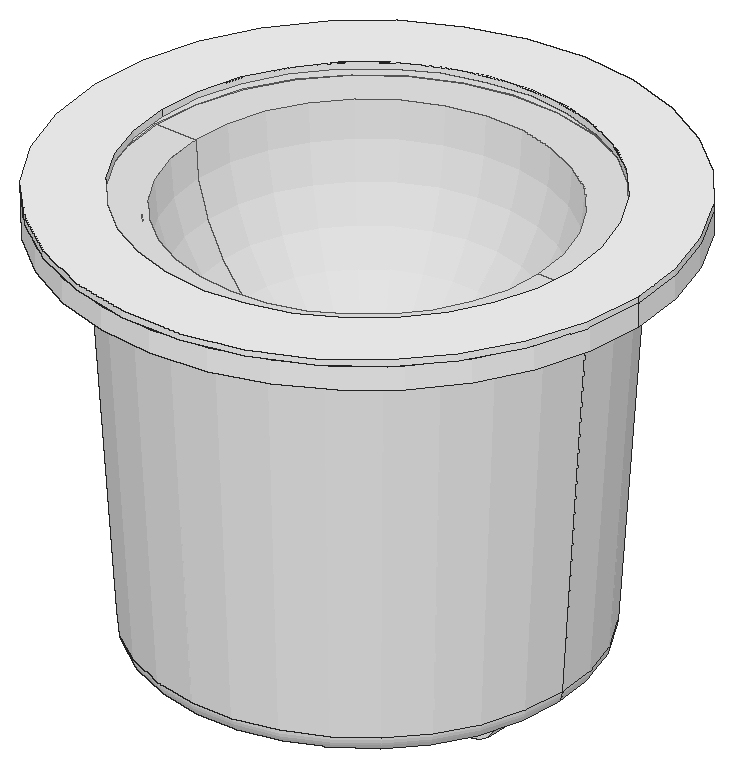
Revit family "2058912", category Lighting Fixtures, host Face, Revit 2018
Family settings
  Host = Face
  Round Connector Dimension = Use Diameter
  Part Type = Normal
  OmniClass Number = 23.80.70.11.17
  OmniClass Title = Specialized Lighting by Location or Use
  Cut with Voids When Loaded = No
  Light Source = Yes
  Shared = No
  Room Calculation Point = No
Parameters (values of type "2058912 MYRIAD DECO IP65 SP 4K PHD SI CBEZ")
  Weight = "n/a"
  Wattage = 15 W
  WarrantyStartDate [instance] = "n/a"
  WarrantyGuarantorParts = "n/a"
  WarrantyDurationUnit = "n/a"
  WarrantyDurationParts = ""
  WarrantyDescription = "http://www.sylvania-lighting.com"
  built-in parameter 1150110 = 1 (stored number, unit not read)
  Voltage = 230 V
  URL = "0"
  TypeName = "MYRIAD DECO IP65 SPOT 4000K PHDM SILVER CBEZ"
  Type Image = 0
  Type Comments = ""
  built-in parameter 1114217 = 1 (stored number, unit not read)
  Tilt Angle = -90°
  built-in parameter 1150109 = 1 (stored number, unit not read)
  built-in parameter 1150134 = (empty or 0)
  built-in parameter 1150113 = 1 (stored number, unit not read)
  SerialNumber [instance] = "n/a"
  Reflector Radius = Cutout Diameter / 2 - 2.5 mm  # 35.0 mm
  Reflector Material = Aluminum_Sylvania_Myriad_Bright
  Recessed Depth = Height  # 72.0 mm
  PowerFactor = 0
  PowerConsumption = "Lighting"
  Photometric Web File = "2058912.ies"
  NominalWidth = 0.0 mm
  NominalLength = 76.0 mm
  NominalHeight = 72.0 mm
  Name = "MYRIAD DECO IP65 SPOT 4000K PHDM SILVER CBEZ"
  ModelReference = "MYRIAD DECO IP65 SPOT 4000K PHDM SILVER CBEZ"
  ModelNumber = "2058912"
  Material = "Feilo Sylvania"
  ManufacturerName = "113 lm/W"
  LuminousEfficacy = ""
  LuminaireType = "0"
  LightOutputRatio = "LED"
  LampsType = Lamp  # "n/a"
  LampNominalLuminous = "4000 K"
  LampMacAdamStep = "90"
  LampColourTemperature = "LED"
  LampColourRenderingIndex = "16500"
  Keynote = "n/a"
  Keynote_2 = "16500"
  InstallationDate [instance] = "n/a"
  InputVoltage = "0"
  InputNominalFrequency = "4000"
  IngressProtection = "IfcLightFixtureType"
  ImpactProtectionIndex = "IfcLightFixtureType"
  IfcExportType = "IfcLightFixtureType"
  IfcExportAs = "Class II"
  Height = 72.0 mm  # constant formula
  ExpectedLife = 50000
  Emit from Circle Diameter = Accessory Inner Diameter 2  # 68.0 mm
  Emit Shape Visible in Rendering = no
  ElectricShockClassification = "113"
  DurationUnit = "hours"
  DocumentationLiterature = "http://www.sylvania-lighting.com/product/en-int/products/2058912"
  DimmingControlOptions = "n/a"
  Diffuser Material = Glass_Sylvania_Myriad_Clear_4000K
  Diffuser Diameter = Cutout Diameter  # 75.0 mm
  Cutout Diameter = 75.0 mm  # constant formula
  CreatedOn = "03/02/2022"
  CreatedBy = "@sylvania-lighting.com"
  built-in parameter 1001205 = 0
  Cost = 0
  built-in parameter 1114216 [instance] = 1 (stored number, unit not read)
  Model = "MYRIAD DECO IP65 SPOT 4000K PHDM SILVER CBEZ"
  Manufacturer = "Feilo Sylvania"  # constant formula
  built-in parameter 1150105 = 83.556 (stored number, unit not read)
  Lumens = 1050 lm
  built-in parameter 1150115 = 1 (stored number, unit not read)
  built-in parameter 1150137 = (empty or 0)
  built-in parameter 1150139 = (empty or 0)
  built-in parameter 1150112 = 1 (stored number, unit not read)
  built-in parameter 1150114 = 1 (stored number, unit not read)
  Lamp = "n/a"
  built-in parameter 1150132 = (empty or 0)
  built-in parameter 1150102 = (empty or 0)
  built-in parameter 1150107 = 2700 (stored number, unit not read)
  built-in parameter 1150138 = (empty or 0)
  built-in parameter 1150106 = 0.83556 (stored number, unit not read)
  built-in parameter 1150104 = 6.5032 (stored number, unit not read)
  Dimming Lamp Color Temperature Shift = <None>
  Description = "Supplied complete with electronic control gear Compact Fluorescent low energy downlight Emergency version passes through the cut out Ideal for low level orientation lighting New range of Architectural accessories each providing a different lit dimension New completely flush plaster up accessory ring for clean ceiling lines and smooth finish Order lamp separately"  # constant formula
  Default Elevation = 0.0 mm
  Color Filter = 16777215
  built-in parameter 1140040 [instance] = 1
  Body Radius = Reflector Radius + 1.5 mm  # 36.5 mm
  Body Material = Aluminum_Sylvania_Myriad_Gray
  BarCode [instance] = "n/a"
  built-in parameter 1114218 = 1 (stored number, unit not read)
  built-in parameter 1150133 = 10 (stored number, unit not read)
  AssetType = "Fixed"
  AssetIdentifier [instance] = "n/a"
  Assembly Code = "D5020200"
  Apparent Load = 10 VA
  Accessory Material = Aluminum_Sylvania_Myriad_White
  Accessory Inner Diameter 2 = Accessory Diameter - 22.0 mm  # 68.0 mm
  Accessory Inner Diameter 1 = Accessory Diameter - 2.0 mm  # 88.0 mm
  Accessory Diameter = Cutout Diameter + 15.0 mm  # 90.0 mm
Reference planes
  plane 1 "Center (Front/Back)": y = 0
  plane 2: z = 0
  plane 3 "Center (Left/Right)": x = 0
  plane 4: z = 2
  plane 5 "Fixture Bottom": z = 4.5
  plane 6: z = -28.5
  plane 7: z = -61.5
  plane 8 "Fixture Top": z = -67.5
  plane 9: z = 3.5
Forms (mm)
  Revolve 1, solid, material "Aluminum_Sylvania_Myriad_Bright" <- "Reflector Material", detail levels fine
    sketch origin (0, 0, 0) x (1, 0, 0) y (0, 0, 1)
      loop
        line (0, -27.515) -> (-6, -27.515)
        arc (-6, -27.515) -> (-22.333, -16.632) -> (-28.5, 2) r 30.135
        line (-28.5, 2) -> (-35, 2) -> (-35, 0) -> (-29.184, 0)
        arc (-29.184, 0) -> (-22.423, -18.18) -> (-6, -28.5) r 30.204
        line (-6, -28.5) -> (0, -28.5) -> (0, -27.515)
      axis (0, -28.5) -> (0, 2)
    angle from 0 to 360
  Revolve 2, solid, material "Aluminum_Sylvania_Myriad_Gray" <- "Body Material", detail levels fine
    sketch origin (0, 0, 0) x (1, 0, 0) y (0, 0, 1)
      loop
        line (-44, 2) -> (-44, 0) -> (-36.5, 0) -> (-32.42, -58.708)
        arc (-32.42, -58.708) -> (-31.474, -60.694) -> (-29.428, -61.5) r 3
        line (-29.428, -61.5) -> (0, -61.5) -> (0, -28.5) -> (-6, -28.5)
        arc (-6, -28.5) -> (-22.423, -18.18) -> (-29.184, 0) r 30.204
        line (-29.184, 0) -> (-35, 0) -> (-35, 2) -> (-44, 2)
      axis (0, 2) -> (0, -61.5)
    angle from 0 to 360
  Extrusion 3, solid, material "Aluminum_Sylvania_Myriad_Gray" <- "Body Material", detail levels fine
    sketch origin (0, 0, 0) x (1, 0, 0) y (0, 0, 1)
      loop
        line (-13.5, -67.5) -> (21, -67.5)
        arc (21, -67.5) -> (23.828, -66.328) -> (25, -63.5) r 4
        line (25, -63.5) -> (25, -61.5) -> (-17.5, -61.5) -> (-17.5, -63.5)
        arc (-17.5, -63.5) -> (-16.328, -66.328) -> (-13.5, -67.5) r 4
    from -4.5 to 4.5
  Extrusion 4, solid, material "Aluminum_Sylvania_Myriad_White" <- "Accessory Material", detail levels fine
    sketch origin (0, 0, 0) x (1, 0, 0) y (0, 1, 0)
      loop
        circle (0, 0) r 45
      loop
        circle (0, 0) r 44
    from 0 to 3.5
  Extrusion 5, solid, material "Aluminum_Sylvania_Myriad_White" <- "Accessory Material", detail levels fine
    sketch origin (0, 0, 0) x (1, 0, 0) y (0, 1, 0)
      loop
        circle (0, 0) r 45
      loop
        circle (0, 0) r 34
    from 3.5 to 4.5
  Extrusion 6, solid, material "Aluminum_Sylvania_Myriad_White" <- "Accessory Material", detail levels coarse+medium
    sketch origin (0, 0, 0) x (1, 0, 0) y (0, 1, 0)
      loop
        circle (0, 0) r 45
    from 0 to 4.5
  Revolve 7, solid, detail levels coarse+medium
    sketch origin (0, 0, 0) x (1, 0, 0) y (0, 0, 1)
      loop
        line (36.5, 0) -> (0, 0) -> (0, -61.5) -> (32.226, -61.5) -> (36.5, 0)
      axis (0, 0) -> (0, -61.5)
    angle from 0 to 360
  Extrusion 8, void
    sketch origin (0, 0, 0) x (1, 0, 0) y (0, 1, 0)
      loop
        circle (0, 0) r 37.5
    from -67.5 to 0
  Extrusion 9, solid, material "Glass_Sylvania_Myriad_Clear_4000K" <- "Diffuser Material", detail levels fine
    sketch origin (0, 0, 0) x (1, 0, 0) y (0, 1, 0)
      loop
        circle (0, 0) r 37.5
    from 2 to 3.5
Cuts and joins
  joined: Extrusion 4, Extrusion 5
Lines and regions (mm)
  Masking region 1
    outline origin (0, 0, 0) x (1, 0, 0) y (0, 1, 0)
      loop
        circle (0, 0) r 45
  symbolic lines
    curve 1: arc (-34, 0, 0) -> (0, 34, 0) -> (34, 0, 0) r 34
    curve 2: arc (34, 0, 0) -> (0, -34, 0) -> (-34, 0, 0) r 34
Dimensions and locks
  locked: plane 7 to plane 8 "Fixture Top" at 6
  "Body Radius": Revolve 7 sketch curve to plane 3 "Center (Left/Right)"
  locked: Revolve 7 sketch curve to Revolve 7 sketch curve at 4.274
  plane 5 "Fixture Bottom" to plane 9 to plane 4 to plane 2 to plane 6 = 1.0 mm locked, 1.5 mm locked, 2.0 mm locked, 28.5 mm locked
  "Reflector Radius": Revolve 1 sketch curve to plane 3 "Center (Left/Right)"
  Revolve 1 sketch curve to Revolve 1 sketch curve to Revolve 1 sketch curve to Revolve 1 sketch curve = 6.5 mm locked, 22.5 mm locked, 0.0 mm locked
  "Reflector Radius": plane 3 "Center (Left/Right)" to Revolve 2 sketch curve
  Revolve 2 sketch curve to Revolve 2 sketch curve to Revolve 2 sketch curve = 7.5 mm locked, 1.5 mm locked
  Revolve 2 sketch curve to Revolve 2 sketch curve to Revolve 2 sketch curve = 5.816 mm locked, 23.184 mm locked
  Revolve 2 sketch curve to Revolve 2 sketch curve to Revolve 2 sketch curve = 2.58 mm locked, 2.993 mm locked
  "Accessory Diameter": diameter of Extrusion 4 sketch curve
  "Accessory Inner Diameter 1": diameter of Extrusion 4 sketch curve
  "Accessory Diameter": diameter of Extrusion 5 sketch curve
  "Accessory Diameter": diameter of Extrusion 6 sketch curve
  "Cutout Diameter": diameter of Extrusion 8 sketch curve
  "Accessory Inner Diameter 2": diameter of Extrusion 5 sketch curve
  "Diffuser Diameter": diameter of Extrusion 9 sketch curve
  aligned and locked: plane 2 to host face
  aligned and locked: level to host face
  aligned and locked: plane 1 "Center (Front/Back)" to imposter light
  aligned and locked: plane 3 "Center (Left/Right)" to imposter light
  aligned and locked: Revolve 1 sketch curve to imposter light
  aligned and locked: Extrusion 3 sketch curve to plane 8 "Fixture Top"
  aligned and locked: plane 7 to Extrusion 3 sketch curve
  aligned and locked: Extrusion 4 to plane 2
  aligned and locked: plane 9 to Extrusion 4
  aligned and locked: Extrusion 5 to plane 9
  aligned and locked: plane 5 "Fixture Bottom" to Extrusion 5
  aligned and locked: Extrusion 6 to plane 2
  aligned and locked: plane 5 "Fixture Bottom" to Extrusion 6
  aligned and locked: Extrusion 8 to plane 8 "Fixture Top"
  aligned and locked: plane 2 to Extrusion 8
  aligned and locked: Masking region 1 sketch curve to Extrusion 6  (x2)
  aligned and locked: Extrusion 9 to plane 4
  aligned and locked: plane 9 to Extrusion 9
  aligned and locked: plane 4 to Revolve 2 sketch curve
  aligned and locked: Revolve 2 sketch curve to plane 2
  aligned and locked: curve 1 to cut or joined group of Extrusion 4, Extrusion 5
  aligned and locked: curve 2 to cut or joined group of Extrusion 4, Extrusion 5
  aligned and locked: imposter light to plane 5 "Fixture Bottom"
Automatic sketch dimensions
  host sketch curve to host sketch curve = 1305.563 mm
  host sketch curve to host sketch curve = 1283.632 mm
  Extrusion 3 sketch curve to plane 7 = 2.0 mm
  Extrusion 3 sketch curve to plane 3 "Center (Left/Right)" = 13.5 mm
  plane 3 "Center (Left/Right)" to Extrusion 3 sketch curve = 21.0 mm
  Extrusion 3 sketch curve to Extrusion 3 sketch curve = 4.0 mm
  Revolve 1 sketch curve to level = 0.0 mm
  Revolve 1 sketch curve to plane 3 "Center (Left/Right)" = 0.0 mm
  Revolve 1 sketch curve to plane 6 = 0.0 mm
  Revolve 1 sketch curve to plane 4 = 0.0 mm
  Revolve 1 sketch curve to Revolve 1 sketch curve = 0.684 mm
  level to Revolve 1 sketch curve = 0.88 mm
  Revolve 1 sketch curve to plane 4 = 0.363 mm
  Revolve 1 sketch curve to Revolve 1 sketch curve = 0.625 mm
  Revolve 1 sketch curve to plane 8 "Fixture Top" = 232.8 mm
  plane 5 "Fixture Bottom" to Revolve 1 sketch curve = 291.243 mm
  Revolve 2 sketch curve to plane 3 "Center (Left/Right)" = 0.0 mm  (x2)
  Revolve 2 sketch curve to plane 7 = 0.0 mm
  Revolve 2 sketch curve to plane 6 = 0.0 mm
  Revolve 2 sketch curve to level = 0.0 mm
  level to Revolve 2 sketch curve = 0.88 mm
  plane 7 to Revolve 2 sketch curve = 2.792 mm
  Revolve 2 sketch curve to plane 8 "Fixture Top" = 304.774 mm
  plane 5 "Fixture Bottom" to Revolve 2 sketch curve = 1137.105 mm
  Extrusion 4 sketch curve to Extrusion 4 sketch curve = 0.0 mm  (x2)
  plane 1 "Center (Front/Back)" to Extrusion 4 sketch curve = 0.0 mm
  Extrusion 4 sketch curve to plane 3 "Center (Left/Right)" = 0.0 mm
  Extrusion 5 sketch curve to Extrusion 5 sketch curve = 0.0 mm  (x2)
  plane 1 "Center (Front/Back)" to Extrusion 5 sketch curve = 0.0 mm
  Extrusion 5 sketch curve to plane 3 "Center (Left/Right)" = 0.0 mm
  plane 1 "Center (Front/Back)" to Extrusion 6 sketch curve = 0.0 mm
  Extrusion 6 sketch curve to plane 3 "Center (Left/Right)" = 0.0 mm
  Revolve 7 sketch curve to level = 0.0 mm
  Revolve 7 sketch curve to plane 3 "Center (Left/Right)" = 0.0 mm  (x2)
  Revolve 7 sketch curve to plane 7 = 0.0 mm
  Revolve 7 sketch curve to plane 8 "Fixture Top" = 304.774 mm
  plane 5 "Fixture Bottom" to Revolve 7 sketch curve = 43.226 mm
  plane 1 "Center (Front/Back)" to Extrusion 8 sketch curve = 0.0 mm
  Extrusion 8 sketch curve to plane 3 "Center (Left/Right)" = 0.0 mm
  plane 1 "Center (Front/Back)" to Extrusion 9 sketch curve = 0.0 mm
  Extrusion 9 sketch curve to plane 3 "Center (Left/Right)" = 0.0 mm
Connectors
  electrical at (-0.006, -0.019, -67.5), driven by "Apparent Load", driven by "Apparent Load"
    settings: on plane 8 "Fixture Top", index 1, voltage 230 V, apparent load 10 VA, apparent load phase1 10 VA, apparent load phase2 0 VA, apparent load phase3 0 VA, power factor 1, load classification "Lighting", number of poles 1, system type 30, power factor state 1, is connector primary yes, connector utility no, sub classification motor no, connector description ""
